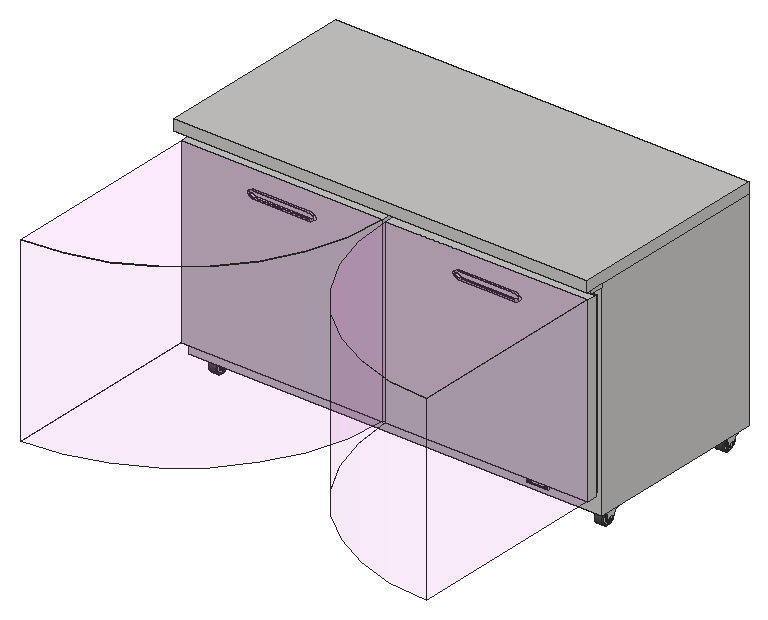
Revit family "QF_Kelvinator_738291_KCHUC60R", category Specialty Equipment, Revit 2021
Family settings
  Round Connector Dimension = Use Diameter
  Part Type = Normal
  Work Plane-Based = No
  Always vertical = Yes
  Cut with Voids When Loaded = No
  Shared = No
  Room Calculation Point = No
Parameters
  Weight in Pounds = 233.69
  Weight = 106.00 lbm
  Watts = 0 W
  Volts = 115 V
  URL Manufacturer = "KELVINATOR"
  URL Cutsheet = ""
  URL = "KELVINATOR"
  Specification by User = ""
  Specification by Manufacturer = ""
  Serial Number = ""
  Seismic Rating = ""
  SMACNA No = ""
  Revision Code = ""
  Refrigerant Type = "R600a"
  Phase = 1
  Number of Poles = 1
  NAFEM Spec ID Number = ""
  Model = "KCHUC60R"
  Min Ckt Ampacity = 0 A
  Max Overcurrent Protection = 0 A
  Masterspec = ""
  Manufacturer = "Kelvinator"
  Length Actual = 1555"
  Length = 61 1/4"
  Item Number = "738291"
  Installed By = ""
  Identify Quantity as Lot = yes
  Height Actual = 902"
  Height = 35 1/2"
  HP = "0.4 HP"
  Gas KW = 0
  Furnished By = ""
  Foodservice Equipment Identifier = yes
  FL Amps = 3 A
  Electrical Remarks = ""
  Electric Connection Type = ""
  Elec Conn RI Height = 0"
  Elec Conn Connection Height = 0"
  Description = "2-DOOR UNDER COUNTER REFRIGERATOR 61\" LONG"
  Depth Actual = 760"
  Depth = 29 15/16"
  Default Elevation = 0"
  Cycle = 60 Hz
  Conn Plug = "5-15P"
  Conn Conduit = yes
  CSI MasterFormat = ""
  Apparent Power = 0 VA
  Accessory = no
Reference planes (in)
  plane 1 "BACK": y = 0
  plane 2: z = 0
  plane 3 "LEFT": x = 0
  plane 4 "RIGHT": x = 61.25
  plane 5 "FRONT": y = -29.9375
  plane 6 "TOP": z = 35.5
  plane 7 "Center Y": x = 30.625
  plane 8 "Center X": y = -14.96875
Dimensions and locks (in)
  equal spacing: plane 3 "LEFT", plane 7 "Center Y", plane 4 "RIGHT"
  "Length": plane 3 "LEFT" to plane 4 "RIGHT"
  equal spacing: plane 5 "FRONT", plane 8 "Center X", plane 1 "BACK"
  "Depth": plane 5 "FRONT" to plane 1 "BACK"
  "Height": plane 6 "TOP" to level
  aligned and locked: level to plane 2
Nested families (in)
  nested 1: "KCHST.0001" at (0, 0, 0), type "KCHST.0001"
    with Show Clearance yes
Connectors (in)
  electrical at (30.625, -0.87772, 2.31881), driven by "Volts", driven by "Watts"
    settings: on nested 1, index 1, voltage 115 V, apparent load 0 VA, apparent load phase1 0 VA, apparent load phase2 0 VA, apparent load phase3 0 VA, power factor 1, load classification "Other", number of poles 1, system type 30, power factor state 1, is connector primary yes, connector utility no, sub classification motor no, connector description ""
Definition of nested family "KCHST.0001"
  Parameters (values of type "KCHST.0001")
    Weight in Pounds = 0
    URL Cutsheet = ""
    Specification by User = ""
    Specification by Manufacturer = ""
    Show Clearance [instance] = yes
    Serial Number = ""
    Seismic Rating = ""
    SMACNA No = ""
    Revision Code = ""
    NAFEM Spec ID Number = ""
    Masterspec = ""
    Length = 61 1/4"
    Item Number = ""
    Installed By = ""
    Identify Quantity as Lot = yes
    Height = 35 1/2"
    Furnished By = ""
    Foodservice Equipment Identifier = yes
    Depth = 29 15/16"
    Default Elevation = 0"
    CSI MasterFormat = ""
  Reference planes (in)
    plane 1 "BACK": y = 0
    plane 2: z = 0
    plane 3 "LEFT": x = 0
    plane 4 "RIGHT": x = 61.25
    plane 5 "FRONT": y = -29.9375
    plane 6 "TOP": z = 35.5
    plane 7 "Center Y": x = 30.625
    plane 8 "Center X": y = -14.96875
    plane 9: z = 3.1
    plane 10: z = 33.9
    plane 11: y = -29.2
    plane 12: z = 32.4
    plane 13: z = 5.6
    plane 14: y = -27.2
    plane 15: x = 59.25
    plane 16: x = 2
    plane 17: x = 30.375
    plane 18: x = 0.5
    plane 19: x = 15.40858
    plane 20: x = 45.84142
  Forms (in)
    Extrusion 1, solid
      sketch origin (0, 0, 0) x (0, 1, 0) y (0, 0, 1)
        loop
          line (-27.2, 33.9) -> (-27.2, 3.1) -> (0, 3.1) -> (0, 33.9) -> (-27.2, 33.9)
      from 0 to 61.25
    Extrusion 2, solid
      sketch origin (0, 0, 0) x (0, 1, 0) y (0, 0, 1)
        loop
          line (-29.9375, 35.5) -> (-29.9375, 33.9) -> (0, 33.9) -> (0, 35.5) -> (-29.9375, 35.5)
      from 0 to 61.25
    Extrusion 3, solid
      sketch origin (0, 0, 0) x (0, 1, 0) y (0, 0, 1)
        loop
          line (-29.2, 33.9) -> (-29.2, 33.4) -> (-27.2, 33.4) -> (-27.2, 33.9) -> (-29.2, 33.9)
      from 0 to 61.25
    Extrusion 4, solid
      sketch origin (30.625, 6.90541, 48) x (0, 1, 0) y (0, 0, 1)
        loop
          line (-36.10541, -15.6) -> (-36.10541, -42.4) -> (-34.65211, -42.4) -> (-34.65211, -15.6) -> (-36.10541, -15.6)
      from -0.25 to -30.125
    Extrusion 5, solid
      sketch origin (0, 0, 0) x (0, 1, 0) y (0, 0, 1)
        loop
          line (-27.74671, 32.20449) -> (-27.74671, 5.81322) -> (-27.49671, 5.81322) -> (-27.49671, 32.20449) -> (-27.74671, 32.20449)
      from 0.74536 to 30.07179
    Extrusion 6, solid
      sketch origin (0, 0.25, 0) x (0, 1, 0) y (0, 0, 1)
        loop
          line (-27.74671, 32.20449) -> (-27.74671, 5.81322) -> (-27.564, 5.81322) -> (-27.564, 32.20449) -> (-27.74671, 32.20449)
      from 0.74536 to 30.07179
    Extrusion 7, solid
      sketch origin (0, 0.4327, 0) x (0, 1, 0) y (0, 0, 1)
        loop
          line (-27.74671, 32.20449) -> (-27.74671, 5.81322) -> (-27.6327, 5.81322) -> (-27.6327, 32.20449) -> (-27.74671, 32.20449)
      from 0.74536 to 30.07179
    Extrusion 8, solid
      sketch origin (7.52043, -27.2, -4.77927) x (-1, 0, 0) y (0, 0, 1)
        loop
          line (-42.67533, 9.70772) -> (-45.82493, 9.70772) -> (-45.82493, 8.52662) -> (-42.67533, 8.52662) -> (-42.67533, 9.70772)
        loop
          line (-42.75407, 9.63107) -> (-43.14777, 9.63107) -> (-43.14777, 9.31193) -> (-42.75407, 9.31193) -> (-42.75407, 9.63107)
        loop
          line (-42.75407, 9.27674) -> (-43.14777, 9.27674) -> (-43.14777, 8.9576) -> (-42.75407, 8.9576) -> (-42.75407, 9.27674)
        loop
          line (-42.75407, 8.92241) -> (-43.14777, 8.92241) -> (-43.14777, 8.60327) -> (-42.75407, 8.60327) -> (-42.75407, 8.92241)
        loop
          line (-45.74619, 9.63107) -> (-45.74619, 9.31193) -> (-45.35249, 9.31193) -> (-45.35249, 9.63107) -> (-45.74619, 9.63107)
        loop
          line (-45.74619, 9.27674) -> (-45.74619, 8.9576) -> (-45.35249, 8.9576) -> (-45.35249, 9.27674) -> (-45.74619, 9.27674)
        loop
          line (-45.74619, 8.92241) -> (-45.74619, 8.60327) -> (-45.35249, 8.60327) -> (-45.35249, 8.92241) -> (-45.74619, 8.92241)
        loop
          line (-43.22525, 9.63107) -> (-45.27501, 9.63107) -> (-45.27501, 8.60716) -> (-43.22525, 8.60716) -> (-43.22525, 9.63107)
      from 0.07874 to -0.04602
    Extrusion 9, solid
      sketch origin (7.52043, -27.24602, -4.77927) x (1, 0, 0) y (0, 0, 1)
        loop
          line (45.35249, 9.63107) -> (45.35249, 9.31193) -> (45.74619, 9.31193) -> (45.74619, 9.63107) -> (45.35249, 9.63107)
        loop
          line (45.35249, 9.27674) -> (45.35249, 8.9576) -> (45.74619, 8.9576) -> (45.74619, 9.27674) -> (45.35249, 9.27674)
        loop
          line (45.35249, 8.92241) -> (45.35249, 8.60327) -> (45.74619, 8.60327) -> (45.74619, 8.92241) -> (45.35249, 8.92241)
        loop
          line (43.14777, 9.63107) -> (42.75407, 9.63107) -> (42.75407, 9.31193) -> (43.14777, 9.31193) -> (43.14777, 9.63107)
        loop
          line (43.14777, 9.27674) -> (42.75407, 9.27674) -> (42.75407, 8.9576) -> (43.14777, 8.9576) -> (43.14777, 9.27674)
        loop
          line (43.14777, 8.92241) -> (42.75407, 8.92241) -> (42.75407, 8.60327) -> (43.14777, 8.60327) -> (43.14777, 8.92241)
      from 0 to -0.07874
    Extrusion 10, solid
      sketch origin (7.52043, -27.24602, -4.77927) x (1, 0, 0) y (0, 0, 1)
        loop
          line (43.22525, 9.63107) -> (43.22525, 8.60716) -> (45.27501, 8.60716) -> (45.27501, 9.63107) -> (43.22525, 9.63107)
      from 0 to -0.07874
    Extrusion 11, void
      sketch origin (7.52043, -27.2, -4.77927) x (-1, 0, 0) y (0, 0, 1)
        loop
          line (-42.67533, 9.70772) -> (-45.82493, 9.70772) -> (-45.82493, 8.52662) -> (-42.67533, 8.52662) -> (-42.67533, 9.70772)
      from 0 to 0.07874
    Extrusion 12, void
      sketch origin (-37.41705, -29.19996, 31.5181) x (0, 0, 1) y (1, 0, 0)
        loop
          line (-1.94791, 48.65063) -> (-1.94791, 57.00063) -> (-2.28604, 57.54163)
          arc (-2.28604, 57.54163) -> (-2.38541, 57.59671) -> (-2.48479, 57.54163) r 0.11719
          line (-2.48479, 57.54163) -> (-2.82291, 57.00063) -> (-2.82291, 48.65063) -> (-2.48621, 48.11191)
          arc (-2.48621, 48.11191) -> (-2.38541, 48.05604) -> (-2.28462, 48.11191) r 0.11887
          line (-2.28462, 48.11191) -> (-1.94791, 48.65063)
      from 0 to 0.31887
    Sweep 13, solid
      path origin (-37.41705, -26.39996, 31.5181) x (0, 0, -1) y (1, 0, 0)
        loop
          line (2.82291, 57.00063) -> (2.48479, 57.54163)
          arc (2.48479, 57.54163) -> (2.38541, 57.59671) -> (2.28604, 57.54163) r 0.11719
          line (2.28604, 57.54163) -> (1.94791, 57.00063) -> (1.94791, 48.65063) -> (2.28462, 48.11191)
          arc (2.28462, 48.11191) -> (2.38541, 48.05604) -> (2.48621, 48.11191) r 0.11887
          line (2.48621, 48.11191) -> (2.82291, 48.65063) -> (2.82291, 57.00063)
      profile origin (15.40858, -26.39996, 28.69519) x (0, 0, -1) y (0, -1, 0)
        loop
          line (0, 2.8) -> (0.25, 2.8)
          arc (0.25, 2.8) -> (0.125, 2.85269) -> (0, 2.8) r 0.17461
    Extrusion 14, solid
      sketch origin (-16.15625, 0, 3.1) x (-1, 0, 0) y (0, 1, 0)
        loop
          circle (-46.78125, -0.87772) r 0.25
      from 0 to 0.78119
    Extrusion 15, solid
      sketch origin (30.625, 6.90541, 48) x (0, 1, 0) y (0, 0, -1)
        loop
          line (-36.10541, 15.6) -> (-34.65211, 15.6) -> (-34.65211, 42.4) -> (-36.10541, 42.4) -> (-36.10541, 15.6)
      from -0.25 to -30.125
    Extrusion 16, solid
      sketch origin (61.25, 0, 0) x (0, 1, 0) y (0, 0, -1)
        loop
          line (-27.74671, -32.20449) -> (-27.49671, -32.20449) -> (-27.49671, -5.81322) -> (-27.74671, -5.81322) -> (-27.74671, -32.20449)
      from 0.74536 to 30.07179
    Extrusion 17, solid
      sketch origin (61.25, 0.25, 0) x (0, 1, 0) y (0, 0, -1)
        loop
          line (-27.74671, -32.20449) -> (-27.564, -32.20449) -> (-27.564, -5.81322) -> (-27.74671, -5.81322) -> (-27.74671, -32.20449)
      from 0.74536 to 30.07179
    Extrusion 18, solid
      sketch origin (61.25, 0.4327, 0) x (0, 1, 0) y (0, 0, -1)
        loop
          line (-27.74671, -32.20449) -> (-27.6327, -32.20449) -> (-27.6327, -5.81322) -> (-27.74671, -5.81322) -> (-27.74671, -32.20449)
      from 0.74536 to 30.07179
    Extrusion 19, void
      sketch origin (98.66705, -29.19996, 31.5181) x (0, 0, 1) y (1, 0, 0)
        loop
          line (-1.94791, -48.65063) -> (-2.28462, -48.11191)
          arc (-2.28462, -48.11191) -> (-2.38541, -48.05604) -> (-2.48621, -48.11191) r 0.11887
          line (-2.48621, -48.11191) -> (-2.82291, -48.65063) -> (-2.82291, -57.00063) -> (-2.48479, -57.54163)
          arc (-2.48479, -57.54163) -> (-2.38541, -57.59671) -> (-2.28604, -57.54163) r 0.11719
          line (-2.28604, -57.54163) -> (-1.94791, -57.00063) -> (-1.94791, -48.65063)
      from 0 to 0.31887
    Sweep 20, solid
      path origin (98.66705, -26.39996, 31.5181) x (0, 0, -1) y (1, 0, 0)
        loop
          line (2.82291, -57.00063) -> (2.82291, -48.65063) -> (2.48621, -48.11191)
          arc (2.48621, -48.11191) -> (2.38541, -48.05604) -> (2.28462, -48.11191) r 0.11887
          line (2.28462, -48.11191) -> (1.94791, -48.65063) -> (1.94791, -57.00063) -> (2.28604, -57.54163)
          arc (2.28604, -57.54163) -> (2.38541, -57.59671) -> (2.48479, -57.54163) r 0.11719
          line (2.48479, -57.54163) -> (2.82291, -57.00063)
      profile origin (45.84142, -26.39996, 28.69519) x (0, 0, 1) y (0, -1, 0)
        loop
          arc (0, 2.8) -> (-0.125, 2.85269) -> (-0.25, 2.8) r 0.17461
          line (-0.25, 2.8) -> (0, 2.8)
    Extrusion 21, solid, visible <- "Show Clearance"
      sketch origin (0, 9.61225, 5.6) x (1, 0, 0) y (0, -1, 0)
        loop
          arc (30.375, 38.81225) -> (21.62482, 59.93707) -> (0.5, 68.68725) r 29.875
          line (0.5, 68.68725) -> (0.5, 38.81225) -> (30.375, 38.81225)
        loop
          line (30.875, 38.81225) -> (60.75, 38.81225) -> (60.75, 68.68725)
          arc (60.75, 68.68725) -> (39.62518, 59.93707) -> (30.875, 38.81225) r 29.875
      from 0 to -26.8
  Cuts and joins
    Extrusion 11 cuts Extrusion 8
    Extrusion 12, Extrusion 19 cuts Extrusion 4
    Extrusion 19 cuts Extrusion 15
  Lines and regions (in)
    symbolic lines
      curve 1: line (61.25, -29.9375, 0) -> (61.25, 0, 0)
      curve 2: line (61.25, 0, 0) -> (0, 0, 0)
      curve 3: line (0, 0, 0) -> (0, -29.9375, 0)
      curve 4: line (0, -29.9375, 0) -> (61.25, -29.9375, 0)
    symbolic lines, visible <- "Show Clearance"
      curve 5: arc (30.3659, -29.9375, 0) -> (29.17129, -37.59482, 0) -> (26.04725, -44.68721, 0) r 29.875
      curve 6: arc (35.20275, -44.68721, 0) -> (32.07871, -37.59482, 0) -> (30.8841, -29.9375, 0) r 29.875
      curve 7: line (0.5, -29.9375, 0) -> (26.04725, -44.68721, 0)
      curve 8: line (60.75, -29.9375, 0) -> (35.20275, -44.68721, 0)
  Dimensions and locks (in)
    equal spacing: plane 3 "LEFT", plane 7 "Center Y", plane 4 "RIGHT"
    "Length": plane 3 "LEFT" to plane 4 "RIGHT"
    equal spacing: plane 5 "FRONT", plane 8 "Center X", plane 1 "BACK"
    "Depth": plane 5 "FRONT" to plane 1 "BACK"
    "Height": plane 6 "TOP" to level
    plane 13 to plane 12 = 26.8"
    locked: plane 4 "RIGHT" to plane 15 at 2
    locked: plane 3 "LEFT" to plane 16 at 2
    locked: plane 18 to plane 3 "LEFT" at 0.5
    plane 3 "LEFT" to plane 4 "RIGHT" = 61 1/4"
    plane 9 to level = 3.1"
    plane 9 to plane 6 "TOP" = 32.4"
    plane 9 to plane 10 = 30.8"
    plane 5 "FRONT" to plane 1 "BACK" = 29 15/16"
    plane 14 to plane 1 "BACK" = 27.2"
    aligned and locked: level to plane 2
    aligned and locked: plane 15 to nested 1
    aligned and locked: nested 2 to plane 16
    aligned and locked: Extrusion 1 to plane 4 "RIGHT"
    aligned and locked: plane 4 "RIGHT" to Extrusion 1  (x2)
    aligned and locked: Extrusion 3 to plane 4 "RIGHT"
    aligned and locked: Extrusion 2 to plane 4 "RIGHT"
    aligned and locked: plane 17 to cut or joined group of Extrusion 4, Extrusion 12, Extrusion 19
    aligned and locked: cut or joined group of Extrusion 4, Extrusion 12, Extrusion 19 to plane 18
    aligned and locked: plane 15 to nested 3
    aligned and locked: plane 4 "RIGHT" to Extrusion 2
    aligned and locked: plane 4 "RIGHT" to Extrusion 3
    aligned and locked: Extrusion 7 to Extrusion 5
    aligned and locked: Extrusion 18 to Extrusion 16
  Automatic sketch dimensions
    plane 9 to Extrusion 1 sketch curve = 0"
    Extrusion 1 sketch curve to plane 14 = 0"
    Extrusion 1 sketch curve to plane 1 "BACK" = 0"
    Extrusion 1 sketch curve to plane 10 = 0"
    Extrusion 2 sketch curve to plane 5 "FRONT" = 0"
    Extrusion 2 sketch curve to plane 1 "BACK" = 0"
    Extrusion 2 sketch curve to plane 10 = 0"
    Extrusion 2 sketch curve to plane 6 "TOP" = 0"
    Extrusion 3 sketch curve to plane 10 = 0"
    Extrusion 3 sketch curve to plane 11 = 0"
    Extrusion 3 sketch curve to plane 14 = 0"
    Extrusion 3 sketch curve to Extrusion 3 sketch curve = 1/2"
    Extrusion 4 sketch curve to plane 11 = 0"
    plane 13 to Extrusion 4 sketch curve = 0"
    plane 12 to Extrusion 4 sketch curve = 0"
    Extrusion 4 sketch curve to plane 14 = 0.54671"
    Extrusion 5 sketch curve to plane 13 = 0.21322"
    Extrusion 5 sketch curve to plane 14 = 0.54671"
    Extrusion 5 sketch curve to Extrusion 5 sketch curve = 1/4"
    plane 12 to Extrusion 5 sketch curve = 0.19551"
    Extrusion 6 sketch curve to plane 14 = 0.29671"
    Extrusion 6 sketch curve to plane 14 = 0.114"
    Extrusion 6 sketch curve to plane 13 = 0.21322"
    plane 12 to Extrusion 6 sketch curve = 0.19551"
    Extrusion 7 sketch curve to plane 14 = 0"
    Extrusion 7 sketch curve to Extrusion 7 sketch curve = 0.114"
    Extrusion 7 sketch curve to plane 13 = 0.21322"
    plane 12 to Extrusion 7 sketch curve = 0.19551"
    plane 13 to Extrusion 8 sketch curve = 0.67154"
    Extrusion 8 sketch curve to plane 20 = 7.50394"
    Extrusion 8 sketch curve to Extrusion 8 sketch curve = 0.07874"  (x3)
    Extrusion 8 sketch curve to Extrusion 8 sketch curve = 0"  (x7)
    Extrusion 8 sketch curve to Extrusion 8 sketch curve = 0.3937"  (x2)
    Extrusion 8 sketch curve to Extrusion 8 sketch curve = 0.07748"  (x3)
    Extrusion 8 sketch curve to plane 9 = 0.72789"
    Extrusion 8 sketch curve to Extrusion 8 sketch curve = 2.04976"
    Extrusion 8 sketch curve to Extrusion 8 sketch curve = 1/256"  (x2)
    Extrusion 8 sketch curve to Extrusion 8 sketch curve = 0.07665"  (x3)
    Extrusion 8 sketch curve to Extrusion 8 sketch curve = 0.31914"  (x4)
    Extrusion 8 sketch curve to Extrusion 8 sketch curve = 0.03519"  (x4)
    Extrusion 8 to Extrusion 9 sketch curve = 0"  (x10)
    Extrusion 9 sketch curve to Extrusion 8 = 0"  (x14)
    Extrusion 10 sketch curve to Extrusion 8 = 0"  (x3)
    Extrusion 8 to Extrusion 10 sketch curve = 0"
    plane 13 to Extrusion 11 sketch curve = 0.67154"
    Extrusion 11 sketch curve to plane 20 = 7.50394"
    Extrusion 11 sketch curve to plane 9 = 0.64735"
    Extrusion 11 sketch curve to Extrusion 11 sketch curve = 3.14961"
    plane 12 to Extrusion 12 sketch curve = 3.70481"
    Extrusion 12 sketch curve to Extrusion 12 sketch curve = 0.3367"
    Extrusion 12 sketch curve to Extrusion 12 sketch curve = 0.33813"  (x2)
    Extrusion 12 sketch curve to Extrusion 12 sketch curve = 0.09937"  (x2)
    Extrusion 12 sketch curve to Extrusion 12 sketch curve = 0.1008"  (x2)
    Extrusion 12 sketch curve to plane 19 = 4.71372"
    Extrusion 12 sketch curve to Extrusion 12 sketch curve = 0.063"
    Extrusion 12 sketch curve to Extrusion 12 sketch curve = 0.53872"  (x2)
    plane 19 to Extrusion 12 sketch curve = 4.175"
    Extrusion 12 sketch curve to Extrusion 12 sketch curve = 0"
    Extrusion 12 sketch curve to Extrusion 12 sketch curve = 0.47889"
    Extrusion 12 sketch curve to Extrusion 12 sketch curve = 0.06211"
    plane 12 to Sweep 13 sketch curve = 2.82981"
    Sweep 13 sketch curve to Sweep 13 sketch curve = 0.3367"
    Sweep 13 sketch curve to Sweep 13 sketch curve = 0.33813"  (x2)
    Sweep 13 sketch curve to Sweep 13 sketch curve = 0.09937"  (x2)
    Sweep 13 sketch curve to Sweep 13 sketch curve = 0.1008"  (x2)
    Sweep 13 sketch curve to plane 19 = 4.71372"
    Sweep 13 sketch curve to Sweep 13 sketch curve = 0.063"
    Sweep 13 sketch curve to Sweep 13 sketch curve = 0.53872"  (x2)
    plane 19 to Sweep 13 sketch curve = 4.175"
    Sweep 13 sketch curve to Sweep 13 sketch curve = 0"
    Sweep 13 sketch curve to Sweep 13 sketch curve = 0.47889"
    Sweep 13 sketch curve to Sweep 13 sketch curve = 0.06211"
    Sweep 13 sketch curve to profile plane = 0"
    Sweep 13 sketch curve to profile plane = 1/8"
    profile plane to Sweep 13 sketch curve = 2.67809"
    Sweep 13 sketch curve to Sweep 13 sketch curve = 0.12191"
    Extrusion 1 to Extrusion 14 sketch curve = 0.87772"
    Extrusion 14 sketch curve to Extrusion 1 = 30 5/8"
    Extrusion 15 sketch curve to plane 11 = 0"
    plane 13 to Extrusion 15 sketch curve = 0"
    plane 12 to Extrusion 15 sketch curve = 0"
    Extrusion 15 sketch curve to plane 14 = 0.54671"
    Extrusion 16 sketch curve to plane 13 = 0.21322"
    Extrusion 16 sketch curve to plane 14 = 0.54671"
    Extrusion 16 sketch curve to Extrusion 16 sketch curve = 1/4"
    plane 12 to Extrusion 16 sketch curve = 0.19551"
    Extrusion 17 sketch curve to plane 14 = 0.29671"
    Extrusion 17 sketch curve to plane 14 = 0.114"
    plane 12 to Extrusion 17 sketch curve = 0.19551"
    Extrusion 17 sketch curve to plane 13 = 0.21322"
    Extrusion 18 sketch curve to plane 14 = 0"
    Extrusion 18 sketch curve to Extrusion 18 sketch curve = 0.114"
    plane 12 to Extrusion 18 sketch curve = 0.19551"
    Extrusion 18 sketch curve to plane 13 = 0.21322"
    plane 12 to Extrusion 19 sketch curve = 3.70481"
    Extrusion 19 sketch curve to Extrusion 19 sketch curve = 0.3367"
    Extrusion 19 sketch curve to Extrusion 19 sketch curve = 0.33813"  (x2)
    Extrusion 19 sketch curve to Extrusion 19 sketch curve = 0.09937"  (x2)
    Extrusion 19 sketch curve to Extrusion 19 sketch curve = 0.1008"  (x2)
    plane 20 to Extrusion 19 sketch curve = 4.716"
    Extrusion 19 sketch curve to Extrusion 19 sketch curve = 0.06211"
    Extrusion 19 sketch curve to Extrusion 19 sketch curve = 0.541"  (x2)
    Extrusion 19 sketch curve to plane 20 = 4.175"
    Extrusion 19 sketch curve to Extrusion 19 sketch curve = 0"
    Extrusion 19 sketch curve to Extrusion 19 sketch curve = 0.47572"
    Extrusion 19 sketch curve to Extrusion 19 sketch curve = 0.063"
    plane 12 to Sweep 20 sketch curve = 2.82981"
    Sweep 20 sketch curve to Sweep 20 sketch curve = 0.3367"
    Sweep 20 sketch curve to Sweep 20 sketch curve = 0.33813"  (x2)
    Sweep 20 sketch curve to Sweep 20 sketch curve = 0.09937"  (x2)
    Sweep 20 sketch curve to Sweep 20 sketch curve = 0.1008"  (x2)
    plane 20 to Sweep 20 sketch curve = 4.716"
    Sweep 20 sketch curve to Sweep 20 sketch curve = 0.06211"
    Sweep 20 sketch curve to Sweep 20 sketch curve = 0.541"  (x2)
    Sweep 20 sketch curve to plane 20 = 4.175"
    Sweep 20 sketch curve to Sweep 20 sketch curve = 0"
    Sweep 20 sketch curve to Sweep 20 sketch curve = 0.47572"
    Sweep 20 sketch curve to Sweep 20 sketch curve = 0.063"
    profile plane to Sweep 20 sketch curve = 0"
    profile plane to Sweep 20 sketch curve = 1/8"
    profile plane to Sweep 20 sketch curve = 2.67809"
    Sweep 20 sketch curve to Sweep 20 sketch curve = 0.12191"
    Extrusion 21 sketch curve to plane 11 = 0"  (x2)
    Extrusion 21 sketch curve to plane 18 = 0"
    Extrusion 21 sketch curve to plane 17 = 0"
    plane 7 "Center Y" to Extrusion 21 sketch curve = 1/4"
    plane 4 "RIGHT" to Extrusion 21 sketch curve = 1/2"
    curve 4 to plane 3 "LEFT" = 0"
    plane 5 "FRONT" to curve 7 = 0"
    curve 7 to plane 18 = 0"
    curve 5 to plane 11 = 0"
    curve 5 to plane 18 = 0"
    curve 6 to plane 11 = 0"
    plane 1 "BACK" to curve 1 = 0"
    curve 1 to plane 4 "RIGHT" = 0"
    curve 7 to plane 17 = 4.32775"
    plane 4 "RIGHT" to curve 6 = 1/2"
    plane 7 "Center Y" to curve 6 = 0.2591"
    plane 7 "Center Y" to curve 8 = 4.57775"
    plane 4 "RIGHT" to curve 8 = 1/2"
    curve 5 to curve 8 = 0"
    radius of Extrusion 14 sketch curve = 1/4"
  Nested families (in)
    nested 1: "3 INCHES 01_CASTER" at (59.25, -24.75, 0), type "3 INCHES 01_CASTER"
      with Type Mark "", Specification by User "", Revision Code "", Item Number "", Installed By "", Identify Quantity as Lot yes, Furnished By "", Foodservice Equipment Identifier yes, 3 Inches Caster yes
    nested 2: "3 INCHES 01_CASTER" at (2, -24.75, 0), type "3 INCHES 01_CASTER"
      with Type Mark "", Specification by User "", Revision Code "", Item Number "", Installed By "", Identify Quantity as Lot yes, Furnished By "", Foodservice Equipment Identifier yes, 3 Inches Caster yes
    nested 3: "3 INCHES 01_CASTER" at (59.25, -2.375, 0), type "3 INCHES 01_CASTER"
      with Type Mark "", Specification by User "", Revision Code "", Item Number "", Installed By "", Identify Quantity as Lot yes, Furnished By "", Foodservice Equipment Identifier yes, 3 Inches Caster yes
    nested 4: "3 INCHES 01_CASTER" at (2, -2.375, 0), type "3 INCHES 01_CASTER"
      with Type Mark "", Specification by User "", Revision Code "", Item Number "", Installed By "", Identify Quantity as Lot yes, Furnished By "", Foodservice Equipment Identifier yes, 3 Inches Caster yes
  Definition of nested family "3 INCHES 01_CASTER"
    Parameters (values of type "3 INCHES 01_CASTER")
      Weight = ""
      URL Manufacturer = ""
      URL Cutsheet = ""
      URL = ""
      Type Mark [instance] = ""
      Specification by User [instance] = ""
      Specification by Manufacturer = ""
      Serial Number = ""
      Seismic Rating = ""
      SMACNA No = ""
      Revision Code [instance] = ""
      Omniclass Number and Title = ""
      NAFEM Spec ID Number = ""
      Model = ""
      MasterSpec. = ""
      Manufacturer = ""
      Item Number [instance] = ""
      Installed By [instance] = ""
      Identify Quantity as Lot [instance] = yes
      Furnished By [instance] = ""
      Foodservice Equipment Identifier [instance] = yes
      Description = ""
      Default Elevation = 0"
      CSI MasterFormat = ""
      CSI Master Format = ""
      Assembly Code = ""
      3 Inches Caster [instance] = yes
    Reference planes (in)
      plane 1: z = 0
      plane 2 "RIGHT": x = 0
      plane 3 "FRONT": y = 0
      plane 4 "TOP": z = 3.1
    Forms (in)
      Revolve 1, solid, visible <- "3 Inches Caster"
        sketch origin (-1.93794, 0.56004, -1.0041) x (1, 0, 0) y (0, 0, 1)
          loop
            line (0.74055, 2.11347) -> (0.74055, 2.03797) -> (0.79055, 1.98797) -> (0.85055, 1.98797) -> (0.85055, 1.8679) -> (1.235, 1.8679) -> (1.235, 1.7068) -> (1.36441, 1.63209) -> (1.4003, 1.41035) -> (1.34375, 1.41035) -> (1.34375, 1.28535) -> (1.375, 1.28535) -> (1.375, 1.0041) -> (2.48438, 1.0041) -> (2.48438, 1.28535) -> (2.51563, 1.28535) -> (2.51563, 1.41035) -> (2.45908, 1.41035) -> (2.49553, 1.6356) -> (2.62438, 1.70999) -> (2.62438, 1.8679) -> (3.04007, 1.8679) -> (3.04007, 1.98797) -> (3.10007, 1.98797) -> (3.15007, 2.03797) -> (3.15007, 2.11347) -> (0.74055, 2.11347)
          axis (0.74055, 2.11347) -> (3.15007, 2.11347)
        angle from 0 to 360
      Extrusion 2, solid, visible <- "3 Inches Caster"
        sketch origin (-1.93794, 1.35294, -3.2541) x (0, 1, 0) y (0, 0, 1)
          loop
            line (-0.41094, 5.86793) -> (-0.41094, 6.01276) -> (-2.29494, 6.01276) -> (-2.29494, 5.71244) -> (-1.82301, 5.71244)
            arc (-1.82301, 5.71244) -> (-1.00307, 5.59865) -> (-0.19592, 5.41488) r 9.6332
            arc (-0.19592, 5.41488) -> (0.12646, 5.29481) -> (0.42224, 5.11916) r 1.92059
            line (0.42224, 5.11916) -> (0.51314, 5.245)
            arc (0.51314, 5.245) -> (0.27353, 5.42569) -> (0.01201, 5.5729) r 2.25036
            line (0.01201, 5.5729) -> (0.09371, 5.71426)
            arc (0.09371, 5.71426) -> (-0.15272, 5.81043) -> (-0.41094, 5.86793) r 1.73151
        from 1.17357 to 2.70231
      Revolve 3, solid, visible <- "3 Inches Caster"
        sketch origin (0, 1.73858, -3.25) x (0, 1, 0) y (0, 0, 1)
          loop
            line (-1.73858, 6.35) -> (-1.73858, 6.00866) -> (-0.93293, 6.00866) -> (-0.93293, 6.35) -> (-1.73858, 6.35)
          axis (-1.73858, 6.00866) -> (-1.73858, 6.35)
        angle from 0 to 360
      Extrusion 4, solid, visible <- "3 Inches Caster"
        sketch origin (-1.98481, 1.35294, -1.7541) x (0, 1, 0) y (0, 0, 1)
          loop
            line (-2.29494, 4.51276) -> (-2.29494, 4.21244) -> (-2.2074, 4.21244)
            arc (-2.2074, 4.21244) -> (-1.58796, 3.87196) -> (-1.3103, 3.22193) r 1.0835
            arc (-1.3103, 3.22193) -> (-1.27304, 2.98711) -> (-1.19616, 2.76214) r 1.38462
            arc (-1.19616, 2.76214) -> (-0.77704, 2.49744) -> (-0.37393, 2.78593) r 0.44401
            arc (-0.37393, 2.78593) -> (-0.35491, 2.84407) -> (-0.34077, 2.90358) r 0.74034
            arc (-0.34077, 2.90358) -> (-0.07302, 3.38916) -> (0.4279, 3.62699) r 0.90376
            line (0.4279, 3.62699) -> (0.51314, 3.745)
            arc (0.51314, 3.745) -> (0.27353, 3.92569) -> (0.01201, 4.0729) r 2.25036
            line (0.01201, 4.0729) -> (0.09371, 4.21426)
            arc (0.09371, 4.21426) -> (-0.15272, 4.31043) -> (-0.41094, 4.36793) r 1.73151
            line (-0.41094, 4.36793) -> (-0.41094, 4.51276) -> (-2.29494, 4.51276)
        from 2.74918 to 2.90825
      Extrusion 5, solid, visible <- "3 Inches Caster"
        sketch origin (1.98481, 1.35294, -1.7541) x (0, 1, 0) y (0, 0, -1)
          loop
            line (-2.29494, -4.51276) -> (-0.41094, -4.51276) -> (-0.41094, -4.36793)
            arc (-0.41094, -4.36793) -> (-0.15272, -4.31043) -> (0.09371, -4.21426) r 1.73151
            line (0.09371, -4.21426) -> (0.01201, -4.0729)
            arc (0.01201, -4.0729) -> (0.27353, -3.92569) -> (0.51314, -3.745) r 2.25036
            line (0.51314, -3.745) -> (0.4279, -3.62699)
            arc (0.4279, -3.62699) -> (-0.07302, -3.38916) -> (-0.34077, -2.90358) r 0.90376
            arc (-0.34077, -2.90358) -> (-0.35491, -2.84407) -> (-0.37393, -2.78593) r 0.74034
            arc (-0.37393, -2.78593) -> (-0.77704, -2.49744) -> (-1.19616, -2.76214) r 0.44401
            arc (-1.19616, -2.76214) -> (-1.27304, -2.98711) -> (-1.3103, -3.22193) r 1.38462
            arc (-1.3103, -3.22193) -> (-1.58796, -3.87196) -> (-2.2074, -4.21244) r 1.0835
            line (-2.2074, -4.21244) -> (-2.29494, -4.21244) -> (-2.29494, -4.51276)
        from 2.74918 to 2.90825
    Cuts and joins
      joined: Extrusion 2, Extrusion 4, Extrusion 5
    Lines and regions (in)
      symbolic lines, visible <- "3 Inches Caster"
        curve 1: line (0.1877, 1.65194, 0) -> (0.89063, 1.2461, 0)
        curve 2: line (-1.00175, -0.40823, 0) -> (0.1877, 1.65194, 0)
        curve 3: line (-0.29881, -0.81407, 0) -> (-1.00175, -0.40823, 0)
        curve 4: line (0.89063, 1.2461, 0) -> (-0.29881, -0.81407, 0)
    Dimensions and locks (in)
      plane 4 "TOP" to level = 3.1"  (x2)
      aligned and locked: level to plane 1
